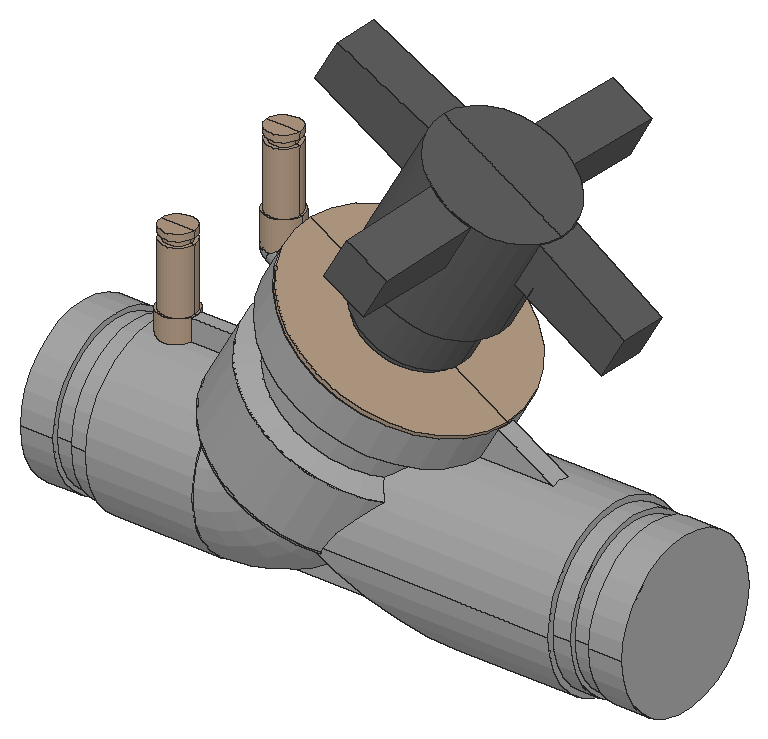
Revit family "oventrop_hydrocontrol-vgc_1063051-4055rfa", category Арматура трубопроводов, Revit 2017
Family settings
  Размер круглого соединителя = Использовать радиус
  Тип детали = Клапан - Вставляется
  Номер OmniClass = 23.65.55.14.17
  Заголовок OmniClass = Adjusting/Controlling Valves for Liquid Services
  На основе рабочей плоскости = Нет
  Всегда вертикально = Да
  При загрузке вырезать с полостями = Нет
  Общий = Нет
Parameters (values of type "DN 65-76.1 mm")
  Wholesaler Art. No. = ""
  Wholesaler = ""
  VHth = if(NominalDiameter < 35.00 mm, Hb6 + (CurDst * sin(Angle)) + (Dst1 * cos(Angle)), Rad4 + 10.00 mm)  # 50.55 mm
  VDst = Lgt3 + R1 + r2  # 21.00 mm
  Use Nominal Diameter [instance] = yes
  built-in parameter 1114242 [instance] = 1
  URL = "http://file-system.ru/catalog/zdaniya_i_sooruzheniya/kommunikatsii/oborudovanie_dlya_sistem_vodosnabzheniya_i_vodootvedeniya/hydrocontrol_vgc_dn_65_150_ventil_reguliruyushchiy/"
  Stabu Code = ""
  Revit Version = "2015"  # constant formula
  Product Line = "Oventrop"  # constant formula
  MEPcontent Class = "VALVE_BALANCING"  # constant formula
  Language = ""
  IFCExportType = "PRESSUREREDUCING"
  IFCExportAs = "IfcValveType"
  Function Code [instance] = ""
  Family Version = "10.14"  # constant formula
  ETIM Article Class = "EC011463"
  EMCS Version = "2.0"  # constant formula
  Custom = no
  Cast iron = Color RGB 140-140-140
  R2 = R1 / sin(Angle)  # 10.392 mm
  R1 = 9.00 mm  # constant formula
  Rad3 = Rad4 + 3.00 mm  # 43.55 mm
  Группа модели = "Hydrocontrol VGC 10630"
  Изготовитель = "Oventrop"  # constant formula
  Lgt4 = 0.33 * Length + 12.50 mm  # 108.20 mm
  Lgt3 = 9.00 mm  # constant formula
  Rad2 = OuterDiameter / 2 - 2.10 mm  # 35.95 mm
  Internal Art. No. = ""
  Hlp2 = CurDst * 1 / 3  # 7.804 mm
  GTIN = "4026755231861"
  DstChk = (((Rad7 * sin(Angle)) - ((Hb2 - Hb3 - r1) * cos(Angle))) / sin(Angle)) + 3.00 mm  # 27.014 mm
  Описание = "Balancing valve with groove connection"  # constant formula
  Manufacturer URL = "http://www.oventrop.de/ArticleInfo.aspx?art=1064051"
  OuterDiameter = 76.10 mm
  Dst1 = if(DstChk < 0.00 mm, 0.00 mm, DstChk)  # 27.014 mm
  r2 = 3.00 mm  # constant formula
  r1 = 2.00 mm  # constant formula
  Rad7 = Rad5 + 2.00 mm  # 55.05 mm
  Rad6 = Rad5 - 10.00 mm  # 43.05 mm
  Rad5 = if(NominalDiameter < 120.00 mm, Rad4 + 12.50 mm, Rad4 + 18.00 mm)  # 53.05 mm
  Rad4 = Rad1 + 2.50 mm  # 40.55 mm
  Rad1 = OuterDiameter / 2  # 38.05 mm
  Pressure Drop = 0.0 Pa
  NominalRadius [instance] = if(Use Nominal Diameter, NominalDiameter / 2, OuterDiameter / 2)  # 32.50 mm
  NominalDiameter = 65.00 mm
  CurDst = (Rad4 * tan(Angle / 2))  # 23.412 mm
  Lgt2 = 8.70 mm  # constant formula
  Lgt1 = 15.90 mm  # constant formula
  L2 = Rad4 * tan(Angle / 2)  # 23.412 mm
  Length = 290.00 mm
  Hlp1 = 22.00 mm  # constant formula
  Hb6 = (Hb2) * sin(Angle) + (Rad5 * cos(Angle)) - (Dst1 * cos(Angle))  # 77.399 mm
  Hb5 = 3.00 mm  # constant formula
  Hb4 = 18.00 mm  # constant formula
  Hb3 = Hb2 / 4  # 18.585 mm
  Hb2 = Hb1 - CurDst - 82.00 mm - 8.00 mm  # 74.341 mm
  Hb1 = (Height / sin(Angle)) - (Bonnet Radius / tan(Angle)) + 3.00 mm  # 187.752 mm
  Height = 200.00 mm
  CB-NL Class = ""
  Bronze = Color RGB 156-122-90
  Bonnet Radius = 80.00 mm  # constant formula
  Bonnet = Color RGB 35-35-35
  Article Type = "Hydrocontrol VGC 10630"  # constant formula
  Article Description = "Balancing valve with groove connection"  # constant formula
  Angle 3 = -Angle  # -60.00°
  oAngle 2 = 90.00° - Angle  # 30.00°
  Angle = 60.00°  # constant formula
  Manufacturer Art. No. = "1064051"
Types (8, lengths in mm): name | VHth | URL | Rad3 | Lgt4 | Rad2 | Hlp2 | GTIN | DstChk | Manufacturer URL | OuterDiameter | Dst1 | Rad7 | Rad6 | Rad5 | Rad4 | Rad1 | NominalRadius | NominalDiameter | CurDst | L2 | Length | Hb6 | Hb3 | Hb2 | Hb1 | Height | Manufacturer Art. No.
  DN 65-73 mm | 49.00 | "www.stabiplan.com" | 42.00 | 108.20 | 34.40 | 7.506 | "4026755225099" | 25.077 | "http://www.oventrop.de/ArticleInfo.aspx?art=1063051" | 73.00 | 25.077 | 53.50 | 41.50 | 51.50 | 39.00 | 36.50 | 32.50 | 65.00 | 22.517 | 22.517 | 290.00 | 78.367 | 18.809 | 75.235 | 187.752 | 200.00 | "1063051"
  DN 80-88.9 mm | 56.95 | "www.stabiplan.com" | 49.95 | 114.80 | 42.35 | 9.036 | "4026755225105" | 27.514 | "http://www.oventrop.de/ArticleInfo.aspx?art=1063052" | 88.90 | 27.514 | 61.45 | 49.45 | 59.45 | 46.95 | 44.45 | 40.00 | 80.00 | 27.107 | 27.107 | 310.00 | 92.149 | 21.991 | 87.966 | 205.073 | 215.00 | "1063052"
  DN 100-114.3 mm | 69.65 | "www.stabiplan.com" | 62.65 | 128.00 | 55.05 | 11.48 | "4026755225112" | 28.889 | "http://www.oventrop.de/ArticleInfo.aspx?art=1063053" | 114.30 | 28.889 | 74.15 | 62.15 | 72.15 | 59.65 | 57.15 | 50.00 | 100.00 | 34.439 | 34.439 | 350.00 | 120.461 | 28.53 | 114.12 | 238.559 | 244.00 | "1063053"
  DN 125-139.7 mm | 82.35 | "www.stabiplan.com" | 75.35 | 144.50 | 67.75 | 13.924 | "4026755231878" | 27.764 | "http://www.oventrop.de/ArticleInfo.aspx?art=1064054" | 139.70 | 27.764 | 92.35 | 80.35 | 90.35 | 72.35 | 69.85 | 62.50 | 125.00 | 41.771 | 41.771 | 400.00 | 168.774 | 39.687 | 158.749 | 290.52 | 289.00 | "1064054"
  DN 150-165.1 mm | 95.05 | "www.stabiplan.com" | 88.05 | 170.90 | 80.45 | 16.368 | "4026755231885" | 41.639 | "http://www.oventrop.de/ArticleInfo.aspx?art=1064055" | 165.10 | 41.639 | 105.05 | 93.05 | 103.05 | 85.05 | 82.55 | 75.00 | 150.00 | 49.104 | 49.104 | 480.00 | 165.836 | 39.009 | 156.036 | 295.139 | 293.00 | "1064055"
  DN 65-76.1 mm | 50.55 | "http://file-system.ru/catalog/zdaniya_i_sooruzheniya/kommunikatsii/oborudovanie_dlya_sistem_vodosnabzheniya_i_vodootvedeniya/hydrocontrol_vgc_dn_65_150_ventil_reguliruyushchiy/" | 43.55 | 108.20 | 35.95 | 7.804 | "4026755231861" | 27.014 | "http://www.oventrop.de/ArticleInfo.aspx?art=1064051" | 76.10 | 27.014 | 55.05 | 43.05 | 53.05 | 40.55 | 38.05 | 32.50 | 65.00 | 23.412 | 23.412 | 290.00 | 77.399 | 18.585 | 74.341 | 187.752 | 200.00 | "1064051"
  DN 125-141.3 mm | 83.15 | "www.stabiplan.com" | 76.15 | 144.50 | 68.55 | 14.078 | "4026755225129" | 28.764 | "http://www.oventrop.de/ArticleInfo.aspx?art=1063054" | 141.30 | 28.764 | 93.15 | 81.15 | 91.15 | 73.15 | 70.65 | 62.50 | 125.00 | 42.233 | 42.233 | 400.00 | 168.274 | 39.572 | 158.287 | 290.52 | 289.00 | "1063054"
  DN 150-168.3 mm | 96.65 | "www.stabiplan.com" | 89.65 | 170.90 | 82.05 | 16.676 | "4026755225136" | 43.639 | "http://www.oventrop.de/ArticleInfo.aspx?art=1063055" | 168.30 | 43.639 | 106.65 | 94.65 | 104.65 | 86.65 | 84.15 | 75.00 | 150.00 | 50.027 | 50.027 | 480.00 | 164.836 | 38.778 | 155.112 | 295.139 | 293.00 | "1063055"
Reference planes
  plane 1 "Center (Front/Back)": y = 0
  plane 2: z = 0
  plane 3 "Center (Left/Right)": x = 0
  plane 4: x = -145
  plane 5: x = 145
  plane 6: x = 129.1
  plane 7: x = -129.1
  plane 8: x = -60.212
  plane 9: z = -40.55
  plane 10: z = -53.05
  plane 11: z = -43.05
  plane 12: x = -36.8
  plane 13: z = 40.55
  plane 14: y = 4.35
  plane 15: y = -4.35
  plane 16: y = -40.55
  plane 17: y = 40.55
  plane 18: x = 120.4
  plane 19: y = 11
  plane 20: y = -11
  plane 21: y = -3
  plane 22: y = 3
  plane 23: x = -120.4
  plane 24: x = -111.4
  plane 25: x = 111.4
  plane 26: x = -99.4
  plane 27: z = 200
Forms (mm)
  Extrusion 1, solid, material "Color RGB 140-140-140" <- "Cast iron", detail levels fine
    sketch origin (0, 0, 0) x (0, 1, 0) y (0, 0, 1)
      loop
        circle (0, 0) r 38.05
    from 129.1 to 145
  Extrusion 2, solid, material "Color RGB 140-140-140" <- "Cast iron", detail levels fine
    sketch origin (0, 0, 0) x (0, 1, 0) y (0, 0, 1)
      loop
        circle (0, 0) r 38.05
    from -129.1 to -145
  Extrusion 3, solid, material "Color RGB 140-140-140" <- "Cast iron", detail levels fine
    sketch origin (0, 0, 0) x (0, 1, 0) y (0, 0, 1)
      loop
        circle (0, 0) r 40.55
    from -60.212 to 111.4
  Revolve 4, void
    sketch origin (-36.8, 0, 0) x (0.5, 0, 0.866025) y (-0.866025, 0, 0.5)
      loop
        line (15.608, 0) -> (-290, 0) -> (-290, -290) -> (15.608, -290) -> (15.608, 0)
      axis (-290, 0) -> (15.608, 0)
    angle from 0 to 360
  Revolve 5, solid, material "Color RGB 140-140-140" <- "Cast iron", detail levels fine
    sketch origin (-60.212, -1524, 140.053) x (0, 0, 1) y (0, -1, 0)
      loop
        circle (-140.053, -1524) r 40.55
      axis (-99.503, -1524) -> (-99.503, -1523)
    angle from 0 to -60 <- "Angle 3"
  Extrusion 6, solid, material "Color RGB 140-140-140" <- "Cast iron", detail levels fine
    sketch origin (-60.212, -1524, 140.053) x (0, 0, 1) y (0, -1, 0)
      loop
        circle (-140.053, -1524) r 40.55
    from -51.188 to 0
  Revolve 7, solid, material "Color RGB 140-140-140" <- "Cast iron", detail levels fine
    sketch origin (-36.8, 0, 0) x (0.5, 0, 0.866025) y (-0.866025, 0, 0.5)
      loop
        line (52.582, -53.05) -> (55.582, -43.05) -> (74.167, -43.05) -> (77.167, -55.05) -> (95.752, -55.05) -> (95.752, 0) -> (15.608, 0) -> (15.608, -51.05)
        arc (15.608, -51.05) -> (16.193, -52.464) -> (17.608, -53.05) r 2
        line (17.608, -53.05) -> (52.582, -53.05)
      axis (15.608, 0) -> (95.752, 0)
    angle from 0 to 360
  Revolve 8, solid, material "Color RGB 35-35-35" <- "Bonnet", detail levels fine
    sketch origin (-36.8, 0, 0) x (0.5, 0, 0.866025) y (-0.866025, 0, 0.5)
      loop
        line (97.752, 0) -> (97.752, -25) -> (101.752, -25) -> (101.752, -27) -> (127.752, -27) -> (127.752, -33) -> (187.752, -33) -> (187.752, 0) -> (97.752, 0)
      axis (97.752, 0) -> (187.752, 0)
    angle from 0 to 360
  Extrusion 9, solid, material "Color RGB 35-35-35" <- "Bonnet", detail levels fine
    sketch origin (-36.8, 0, 0) x (0.5, 0, 0.866025) y (-0.866025, 0, 0.5)
      loop
        line (187.752, 27) -> (184.752, 80) -> (162.752, 80) -> (162.752, -80) -> (184.752, -80) -> (187.752, -27) -> (187.752, 27)
    from -11 to 11
  Extrusion 10, solid, material "Color RGB 35-35-35" <- "Bonnet", detail levels fine
    sketch origin (-36.8, 0, 0) x (0.5, 0, 0.866025) y (0, -1, 0)
      loop
        line (184.752, -80) -> (187.752, -27) -> (187.752, 27) -> (184.752, 80) -> (162.752, 80) -> (162.752, -80) -> (184.752, -80)
    from -11 to 11
  Extrusion 11, solid, material "Color RGB 140-140-140" <- "Cast iron", detail levels fine
    sketch origin (-36.8, 0, 0) x (0.5, 0, 0.866025) y (-0.866025, 0, 0.5)
      loop
        line (95.752, 0) -> (23.412, 0) -> (23.412, -40.55) -> (74.1, -128.345) -> (95.752, -115.844) -> (95.752, 0)
    from -4.35 to 4.35
  Revolve 12, solid, material "Color RGB 156-122-90" <- "Bronze", detail levels fine
    sketch origin (-48.489, 0, 33.782) x (0, 0, 1) y (-1, 0, 0)
      loop
        line (62.071, 0) -> (62.071, -9) -> (77.399, -9) -> (77.399, -8) -> (107.399, -8) -> (107.399, -6) -> (110.399, -6) -> (110.399, -8) -> (113.399, -8) -> (113.399, 0) -> (62.071, 0)
      axis (62.071, 0) -> (113.399, 0)
    angle from 0 to 360
  Extrusion 13, solid, material "Color RGB 140-140-140" <- "Cast iron", detail levels fine
    sketch origin (0, 0, 0) x (0, 1, 0) y (0, 0, 1)
      loop
        circle (0, 0) r 35.95
    from -120.4 to -129.1
  Extrusion 14, solid, material "Color RGB 140-140-140" <- "Cast iron", detail levels fine
    sketch origin (0, 0, 0) x (0, 1, 0) y (0, 0, 1)
      loop
        circle (0, 0) r 35.95
    from 120.4 to 129.1
  Blend 15, solid, material "Color RGB 140-140-140" <- "Cast iron", detail levels fine
    base sketch origin (0, 0, 0) x (0, 1, 0) y (0, 0, 1)
      loop
        circle (0, 0) r 38.05
    top sketch origin (0, 0, 0) x (0, 1, 0) y (0, 0, 1)
      loop
        circle (0, 0) r 38.05
    from 120.4 to 111.4
  Blend 16, solid, material "Color RGB 140-140-140" <- "Cast iron", detail levels fine
    base sketch origin (0, 0, 0) x (0, 1, 0) y (0, 0, 1)
      loop
        circle (0, 0) r 38.05
    top sketch origin (0, 0, 0) x (0, 1, 0) y (0, 0, 1)
      loop
        circle (0, 0) r 38.05
    from -120.4 to -111.4
  Extrusion 17, solid, material "Color RGB 140-140-140", detail levels fine
    sketch origin (0, 0, 0) x (0, 1, 0) y (0, 0, 1)
      loop
        arc (-3, -40.439) -> (0, -40.55) -> (3, -40.439) r 40.55
        line (3, -40.439) -> (3, 0) -> (-3, 0) -> (-3, -40.439)
    from -60.212 to 111.4
  Revolve 18, solid, material "Color RGB 156-122-90" <- "Bronze", detail levels fine
    sketch origin (0, 0, 0) x (1, 0, 0) y (0, 0, 1)
      loop
        line (-99.4, 0) -> (-90.4, 0) -> (-90.4, 50.55) -> (-91.4, 50.55) -> (-91.4, 80.55) -> (-93.4, 80.55) -> (-93.4, 83.55) -> (-91.4, 83.55) -> (-91.4, 86.55) -> (-99.4, 86.55) -> (-99.4, 0)
      axis (-99.4, 86.55) -> (-99.4, 0)
    angle from 0 to 360
  Extrusion 19, solid, material "Color RGB 140-140-140" <- "Cast iron", detail levels fine
    sketch origin (0, 0, 0) x (1, 0, 0) y (0, 0, 1)
      loop
        line (-99.4, 50.55) -> (-99.4, 0) -> (-39.489, 0) -> (-39.489, 50.55) -> (-99.4, 50.55)
    from -3 to 3
  Revolve 20, solid, material "Color RGB 140-140-140" <- "Cast iron", detail levels fine
    sketch origin (-40.706, 0, 91.36) x (0.866025, 0, -0.5) y (0.5, 0, 0.866025)
      loop
        arc (-17.988, 0) -> (-15.352, -6.364) -> (-8.988, -9) r 9
        line (-8.988, -9) -> (49.062, -9) -> (49.062, 0) -> (-17.988, 0)
      axis (-17.988, 0) -> (49.062, 0)
    angle from 0 to 360
  Revolve 21, solid, material "Color RGB 156-122-90" <- "Bronze", detail levels fine
    sketch origin (-36.8, 0, 0) x (0.5, 0, 0.866025) y (-0.866025, 0, 0.5)
      loop
        line (95.752, 0) -> (95.752, -55.05) -> (97.752, -55.05) -> (97.752, 0) -> (95.752, 0)
      axis (95.752, 0) -> (97.752, 0)
    angle from 0 to 360
Cuts and joins
  Revolve 4 cuts Extrusion 3
  joined: Revolve 8, Extrusion 9, Extrusion 10
  joined: Extrusion 6, Blend 16
Lines and regions (mm)
  reference lines
    curve 1: line (-36.8, 0, 0) -> (163.2, 0, 346.41)
    curve 2: line (14.587, 0, 187.129) -> (124.225, 0, 123.83)
    curve 3: line (13.087, 0, 184.531) -> (122.725, 0, 121.232)
    curve 4: line (2.087, 0, 165.479) -> (111.725, 0, 102.179)
    curve 5: line (94.225, 0, 71.868) -> (-15.413, 0, 135.168)
    curve 6: line (98.225, 0, 78.796) -> (-11.413, 0, 142.096)
    curve 7: line (-30.413, 0, 109.187) -> (79.225, 0, 45.887)
    curve 8: line (-31.413, 0, 107.455) -> (78.225, 0, 44.155)
    curve 9: line (-51.498, 0, 72.666) -> (58.14, 0, 9.367)
    curve 10: line (-52.998, 0, 70.068) -> (56.64, 0, 6.769)
    curve 11: line (-42.206, 0, 88.762) -> (67.432, 0, 25.462)
    curve 12: line (-67.584, 0, 44.806) -> (42.054, 0, -18.493)
    curve 13: line (-36.8, 0, 0) -> (60.443, 0, -56.143)
    curve 14: line (-28.413, 0, 112.651) -> (81.225, 0, 49.352)
    curve 15: line (-40.706, 0, 91.36) -> (68.932, 0, 28.06)
    curve 16: line (17.596, 0, -11.884) -> (20.136, 0, -7.484)
    curve 17: line (11.476, 0, -2.484) -> (10.158, 0, -4.767)
    curve 18: line (21.868, 0, -8.484) -> (19.328, 0, -12.884)
    curve 19: line (74.779, 0, 139.261) -> (64.22, 0, 120.972)
    curve 20: line (28.014, 0, 166.261) -> (17.455, 0, 147.972)
    curve 21: line (120.679, 0, 112.761) -> (110.12, 0, 94.472)
    curve 22: line (-17.886, 0, 192.761) -> (-28.445, 0, 174.472)
    curve 23: line (51.396, 27, 152.761) -> (40.837, 27, 134.472)
    curve 24: line (51.396, -27, 152.761) -> (40.837, -27, 134.472)
    curve 25: line (51.396, -80, 152.761) -> (40.837, -80, 134.472)
    curve 26: line (51.396, 80, 152.761) -> (40.837, 80, 134.472)
    curve 27: line (57.076, 86.48, 162.598) -> (57.076, -90.862, 162.598)
    curve 28: line (55.576, 86.48, 160) -> (55.576, -90.862, 160)
    curve 29: line (44.576, -90.862, 140.947) -> (44.576, 86.48, 140.947)
    curve 30: line (-48.489, 0, 33.782) -> (-48.489, 0, 125.742)
    curve 40: line (-74.151, 0, 39.587) -> (25.725, 0, -18.077)
  model lines, style "Accessories", detail levels coarse+medium
    curve 31: line (-145, 0, 40.55) -> (-145, 0, -40.55)
    curve 32: line (145, 0, 40.55) -> (145, 0, -40.55)
    curve 33: line (-145, 0, -40.55) -> (145, 0, 40.55)
    curve 34: line (145, 0, -40.55) -> (-145, 0, 40.55)
    curve 35: circle (0, 0, 0) r 32.5 normal (1, 0, 0)
    curve 36: line (-145, 40.55, 0) -> (-145, -40.55, 0)
    curve 37: line (145, 40.55, 0) -> (145, -40.55, 0)
    curve 38: line (145, 40.55, 0) -> (-145, -40.55, 0)
    curve 39: line (-145, 40.55, 0) -> (145, -40.55, 0)
Dimensions and locks
  equal spacing: plane 5, plane 3 "Center (Left/Right)", plane 4
  "Length": plane 5 to plane 4
  "Lgt1": plane 7 to plane 4
  "CurDst": plane 12 to plane 8
  "Lgt1": plane 6 to plane 5
  "Rad6": level to plane 11
  "Rad5": level to plane 10
  "Rad4": level to plane 9
  "Rad4": plane 13 to level
  equal spacing: plane 14, plane 1 "Center (Front/Back)", plane 15
  "Lgt2": plane 14 to plane 15
  "Hb1": curve 13 to curve 2
  locked: curve 3 to curve 2 at 3
  locked: curve 4 to curve 3 at 22
  locked: curve 5 to curve 4 at 35
  locked: curve 5 to curve 14 at 26
  "Length": Revolve 4 sketch curve to curve 1
  "Length": Revolve 4 sketch curve to curve 13
  equal spacing: plane 17, plane 1 "Center (Front/Back)", plane 16
  "Rad4": plane 1 "Center (Front/Back)" to plane 16
  "CurDst": curve 13 to curve 12
  "Lgt2": plane 6 to plane 18
  "Hb2": curve 12 to curve 7
  "Hb3": curve 15 to curve 8
  "r1": curve 8 to curve 7
  "Rad5": curve 16 to curve 1
  "Rad6": curve 17 to curve 1
  "Rad7": curve 18 to curve 1
  locked: curve 6 to curve 5 at 8
  locked: Revolve 8 sketch curve to Revolve 8 sketch curve at 2
  locked: curve 1 to Revolve 8 sketch curve at 27
  locked: Revolve 8 sketch curve to curve 1 at 33
  equal spacing: curve 19, curve 1, curve 20
  locked: curve 19 to curve 1 at 27
  equal spacing: curve 21, curve 1, curve 22
  "Bonnet Radius": curve 1 to curve 22
  "Hlp1": plane 19 to plane 20
  equal spacing: plane 19, plane 1 "Center (Front/Back)", plane 20
  equal spacing: curve 23, curve 1, curve 24
  locked: curve 23 to curve 1 at 27
  equal spacing: curve 26, curve 1, curve 25
  "Bonnet Radius": curve 1 to curve 25
  "Hb1": curve 1 to curve 27
  locked: curve 28 to curve 27 at 3
  locked: curve 29 to curve 28 at 22
  equal spacing: plane 22, plane 1 "Center (Front/Back)", plane 21
  "r2": plane 1 "Center (Front/Back)" to plane 21
  "Hb6": Revolve 12 sketch curve to curve 30
  locked: Revolve 12 sketch curve to Revolve 12 sketch curve at 30
  "R1": Revolve 12 sketch curve to curve 30
  locked: Revolve 12 sketch curve to Revolve 12 sketch curve at 1
  locked: Revolve 12 sketch curve to Revolve 12 sketch curve at 2
  equal spacing: Revolve 12 sketch curve, Revolve 12 sketch curve, Revolve 12 sketch curve
  locked: Revolve 12 sketch curve to Revolve 12 sketch curve at 6
  "Dst1": curve 1 to curve 30
  locked: curve 30 to Revolve 12 sketch curve
  "Lgt4": plane 12 to plane 4
  "Lgt2": plane 7 to plane 23
  "Lgt3": plane 24 to plane 23
  "Lgt3": plane 18 to plane 25
  "VDst": plane 26 to plane 23
  "R1": Revolve 18 sketch curve to plane 26
  locked: Revolve 18 sketch curve to Revolve 18 sketch curve at 1
  locked: Revolve 18 sketch curve to Revolve 18 sketch curve at 2
  locked: Revolve 18 sketch curve to Revolve 18 sketch curve at 30
  equal spacing: Revolve 18 sketch curve, Revolve 18 sketch curve, Revolve 18 sketch curve
  locked: Revolve 18 sketch curve to Revolve 18 sketch curve at 6
  "VHth": Revolve 18 sketch curve to level
  "VHth": Extrusion 19 sketch curve to level
  "R1": curve 30 to Extrusion 19 sketch curve
  locked: Revolve 20 sketch curve to curve 30 at 0
  "R1": Revolve 20 sketch curve to curve 15
  "r2": curve 11 to curve 15
  "Hb3": curve 9 to curve 11
  "r2": curve 10 to curve 9
  "Hlp2": curve 40 to curve 12
  "Height": plane 27 to level
  "Rad1": radius of Extrusion 1 sketch curve
  "Rad1": radius of Extrusion 2 sketch curve
  "Rad4": radius of Extrusion 3 sketch curve
  "Rad4": radius of Revolve 5 sketch curve
  "Rad4": radius of Extrusion 6 sketch curve
  "r1": radius of Revolve 7 sketch curve
  "NominalRadius": radius of curve 35
  "Rad2": radius of Extrusion 13 sketch curve
  "Rad2": radius of Extrusion 14 sketch curve
  "Rad1": radius of Blend 15 sketch curve  (x2)
  "Rad1": radius of Blend 16 sketch curve  (x2)
  "Rad4": radius of Extrusion 17 sketch curve
  "Angle": angle level to curve 1
  "oAngle 2": angle curve 1 to curve 30
  aligned and locked: level to plane 2
  aligned and locked: plane 7 to Extrusion 2
  aligned and locked: Extrusion 2 to plane 4
  aligned and locked: Extrusion 1 to plane 6
  aligned and locked: Extrusion 1 to plane 5
  aligned and locked: plane 12 to curve 1
  aligned and locked: plane 2 to curve 1
  aligned and locked: curve 3 to curve 2  (x2)
  aligned and locked: curve 4 to curve 2  (x2)
  aligned and locked: curve 5 to curve 2  (x2)
  aligned and locked: curve 6 to curve 2  (x2)
  aligned and locked: curve 7 to curve 2  (x2)
  aligned and locked: curve 8 to curve 2  (x2)
  aligned and locked: curve 9 to curve 2  (x2)
  aligned and locked: curve 10 to curve 2  (x2)
  aligned and locked: curve 11 to curve 2  (x2)
  aligned and locked: curve 12 to curve 2  (x2)
  aligned and locked: curve 13 to curve 1  (x2)
  aligned and locked: curve 14 to curve 2  (x2)
  aligned and locked: Revolve 4 sketch curve to curve 1  (x2)
  aligned and locked: curve 15 to curve 4
  aligned and locked: Revolve 5 sketch curve to plane 13
  aligned and locked: plane 8 to Extrusion 6
  aligned and locked: curve 1 to Revolve 7 sketch curve
  aligned and locked: Revolve 7 sketch curve to curve 1
  aligned and locked: curve 16 to curve 17
  aligned and locked: curve 18 to curve 16
  aligned and locked: Revolve 7 sketch curve to curve 16
  aligned and locked: Revolve 8 sketch curve to curve 2
  aligned and locked: Revolve 8 sketch curve to curve 1  (x2)
  aligned and locked: curve 5 to Revolve 8 sketch curve
  aligned and locked: Revolve 8 sketch curve to curve 14
  aligned and locked: curve 7 to Revolve 8 sketch curve
  aligned and locked: curve 20 to curve 19
  aligned and locked: Extrusion 9 sketch curve to curve 20
  aligned and locked: curve 2 to Extrusion 9 sketch curve
  aligned and locked: Extrusion 9 sketch curve to curve 19
  aligned and locked: curve 3 to Extrusion 9 sketch curve
  aligned and locked: curve 4 to Extrusion 9 sketch curve
  aligned and locked: Extrusion 9 sketch curve to curve 4
  aligned and locked: curve 19 to curve 21  (x2)
  aligned and locked: curve 22 to curve 19  (x2)
  aligned and locked: curve 22 to curve 20
  aligned and locked: Extrusion 9 sketch curve to curve 3
  aligned and locked: Extrusion 9 sketch curve to curve 22
  aligned and locked: Extrusion 9 sketch curve to curve 21
  aligned and locked: Extrusion 9 to plane 19
  aligned and locked: plane 20 to Extrusion 9
  aligned and locked: curve 19 to curve 23  (x2)
  aligned and locked: curve 24 to curve 19  (x2)
  aligned and locked: curve 25 to curve 19  (x2)
  aligned and locked: curve 19 to curve 26  (x2)
  aligned and locked: curve 27 to curve 29  (x2)
  aligned and locked: curve 27 to curve 28  (x2)
  aligned and locked: curve 28 to Extrusion 10 sketch curve  (x2)
  aligned and locked: curve 29 to Extrusion 10 sketch curve  (x2)
  aligned and locked: Extrusion 10 sketch curve to curve 26
  aligned and locked: Extrusion 10 sketch curve to curve 25
  aligned and locked: Extrusion 10 sketch curve to curve 24
  aligned and locked: Extrusion 10 sketch curve to curve 27
  aligned and locked: Extrusion 10 sketch curve to curve 23
  aligned and locked: plane 2 to Extrusion 11 sketch curve
  aligned and locked: curve 1 to Extrusion 11 sketch curve
  aligned and locked: curve 12 to Extrusion 11 sketch curve
  aligned and locked: Revolve 12 sketch curve to curve 30  (x2)
  aligned and locked: plane 13 to curve 31
  aligned and locked: plane 9 to curve 31
  aligned and locked: plane 17 to curve 36
  aligned and locked: plane 16 to curve 36
  aligned and locked: plane 17 to curve 37
  aligned and locked: plane 16 to curve 37
  aligned and locked: Revolve 12 sketch curve to Revolve 12 sketch curve
  aligned and locked: plane 24 to Blend 16
  aligned and locked: Blend 16 to plane 23
  aligned and locked: plane 23 to Extrusion 13
  aligned and locked: plane 7 to Extrusion 13
  aligned and locked: plane 25 to Blend 15
  aligned and locked: plane 18 to Blend 15
  aligned and locked: Extrusion 14 to plane 18
  aligned and locked: plane 6 to Extrusion 14
  aligned and locked: Extrusion 11 to plane 14
  aligned and locked: plane 15 to Extrusion 11
  aligned and locked: level to Extrusion 17 sketch curve
  aligned and locked: Extrusion 17 to plane 8
  aligned and locked: plane 25 to Extrusion 17
  aligned and locked: Extrusion 17 sketch curve to plane 22
  aligned and locked: plane 21 to Extrusion 17 sketch curve
  aligned and locked: Revolve 18 sketch curve to plane 2
  aligned and locked: Revolve 18 sketch curve to Revolve 18 sketch curve
  aligned and locked: Revolve 18 sketch curve to plane 26  (x2)
  aligned and locked: level to Extrusion 19 sketch curve
  aligned and locked: Extrusion 19 to plane 22
  aligned and locked: plane 21 to Extrusion 19
  aligned and locked: plane 25 to Extrusion 11 sketch curve  (x2)
  aligned and locked: plane 26 to Extrusion 19 sketch curve
  aligned and locked: curve 1 to Revolve 20 sketch curve
  aligned and locked: Revolve 20 sketch curve to curve 15  (x2)
  aligned and locked: curve 8 to Extrusion 11 sketch curve
  aligned and locked: curve 10 to Revolve 7 sketch curve
  aligned and locked: curve 9 to Revolve 7 sketch curve
  aligned and locked: curve 11 to Revolve 7 sketch curve
  aligned and locked: curve 17 to Revolve 7 sketch curve
  aligned and locked: Revolve 7 sketch curve to curve 18
  aligned and locked: curve 15 to Revolve 7 sketch curve
  aligned and locked: Revolve 7 sketch curve to curve 40
  aligned and locked: curve 40 to Revolve 4 sketch curve
  aligned and locked: plane 24 to Extrusion 6
  aligned and locked: plane 25 to Extrusion 3
  aligned and locked: Extrusion 3 to plane 8
  aligned and locked: plane 5 to curve 38
  aligned and locked: plane 5 to curve 39
  aligned and locked: plane 4 to curve 39
  aligned and locked: plane 4 to curve 38
  aligned and locked: plane 4 to curve 33
  aligned and locked: plane 4 to curve 34
  aligned and locked: plane 13 to curve 33
  aligned and locked: plane 9 to curve 34
  aligned and locked: Revolve 7 sketch curve to curve 8
  aligned and locked: Extrusion 11 to Revolve 21 sketch curve
  aligned and locked: curve 7 to Revolve 21 sketch curve
  aligned and locked: Revolve 21 sketch curve to curve 1
  aligned and locked: Revolve 21 sketch curve to curve 18
Automatic sketch dimensions
  Revolve 8 sketch curve to curve 1 = 0.00 mm  (x2)
  plane 5 to curve 33 = 0.00 mm
  Revolve 21 sketch curve to curve 1 = 0.00 mm  (x3)
  curve 35 to level = 0.00 mm
  curve 35 to plane 1 "Center (Front/Back)" = 0.00 mm
  Extrusion 1 sketch curve to level = 0.00 mm
  Extrusion 1 sketch curve to plane 1 "Center (Front/Back)" = 0.00 mm
  Extrusion 2 sketch curve to level = 0.00 mm
  Extrusion 2 sketch curve to plane 1 "Center (Front/Back)" = 0.00 mm
  Extrusion 3 sketch curve to level = 0.00 mm
  Extrusion 3 sketch curve to plane 1 "Center (Front/Back)" = 0.00 mm
  curve 13 to curve 1 = 112.287 mm
  curve 40 to curve 18 = 1.299 mm
  curve 16 to curve 18 = 0.00 mm
  curve 16 to curve 17 = 2.444 mm
  curve 17 to curve 17 = 2.636 mm
  curve 20 to curve 4 = 7.477 mm
  curve 20 to curve 20 = 21.118 mm
  curve 21 to curve 3 = 2.463 mm
  curve 40 to curve 18 = 8.137 mm
  curve 8 to curve 30 = 23.932 mm
  curve 15 to curve 11 = 0.00 mm
  curve 12 to curve 40 = 3.078 mm
  Revolve 4 sketch curve to curve 1 = 0.00 mm  (x2)
  Revolve 5 sketch curve to level = 0.00 mm
  Revolve 5 sketch curve to plane 1 "Center (Front/Back)" = 0.00 mm
  plane 17 to Revolve 5 sketch curve = 1428.104 mm
  plane 16 to Revolve 5 sketch curve = 2812.199 mm
  Extrusion 6 sketch curve to level = 0.00 mm
  Extrusion 6 sketch curve to plane 1 "Center (Front/Back)" = 0.00 mm
  Revolve 7 sketch curve to curve 1 = 0.00 mm  (x2)
  curve 29 to curve 26 = 6.48 mm
  curve 25 to curve 29 = 10.862 mm
  Revolve 12 sketch curve to curve 30 = 0.00 mm  (x2)
  Extrusion 13 sketch curve to level = 0.00 mm
  Extrusion 13 sketch curve to plane 1 "Center (Front/Back)" = 0.00 mm
  Extrusion 14 sketch curve to level = 0.00 mm
  Extrusion 14 sketch curve to plane 1 "Center (Front/Back)" = 0.00 mm
  Blend 15 sketch curve to level = 0.00 mm  (x2)
  Blend 15 sketch curve to plane 1 "Center (Front/Back)" = 0.00 mm  (x2)
  Blend 16 sketch curve to level = 0.00 mm  (x2)
  Blend 16 sketch curve to plane 1 "Center (Front/Back)" = 0.00 mm  (x2)
  Extrusion 17 sketch curve to level = 0.00 mm
  Extrusion 17 sketch curve to plane 1 "Center (Front/Back)" = 0.00 mm
  Revolve 18 sketch curve to plane 10 = 120.682 mm
  Revolve 18 sketch curve to Revolve 18 sketch curve = 49.999 mm
  Revolve 20 sketch curve to curve 15 = 0.00 mm  (x2)
Connectors
  piping at (-145, 0, 0), diameter 65, driven by "NominalRadius"
    settings: on Extrusion 2, index 1, connector inside diameter 65.00 mm, connector length 0.00 mm, flow factor 0, pipe flow 0.0 L/s, pressure drop 0.0 Pa, fitting loss kfactor 0, connector angle 0.00°, fixture units 0, engagement length 0.00 mm, angle of deflection 0.00°, flow configuration 0, flow direction 1, fitting loss method 4, system type 29, joint type 0, gender type 0, connector reference index 2, connector utility 0, adjustable connector no, is connector primary yes, connector description "Global In"
  piping at (145, 0, 0), diameter 65, driven by "NominalRadius"
    settings: on Extrusion 1, index 2, connector inside diameter 65.00 mm, connector length 0.00 mm, flow factor 0, pipe flow 0.0 L/s, pressure drop 0.0 Pa, fitting loss kfactor 0, connector angle 0.00°, fixture units 0, engagement length 0.00 mm, angle of deflection 0.00°, flow configuration 0, flow direction 2, fitting loss method 4, system type 29, joint type 0, gender type 0, connector reference index 1, connector utility 0, adjustable connector no, is connector primary no, connector description "Global Out"
